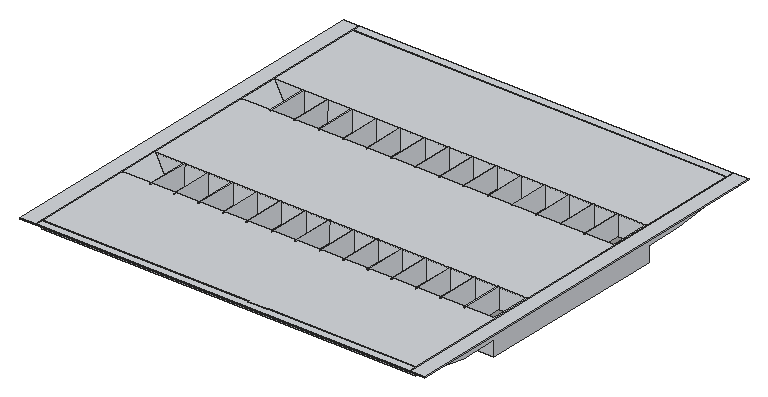
Revit family "0052603 Sylvania Lighting Fixture RANA NEO 3500LM REC 625x625 840 CC EM 2L WHITE", category Lighting Fixtures, host Face, Revit 2016
Family settings
  Host = Face
  Part Type = Normal
  Round Connector Dimension = Use Diameter
  OmniClass Number = 23.80.70.00
  OmniClass Title = Lighting
  Cut with Voids When Loaded = No
  Light Source = Yes
  Shared = No
  Room Calculation Point = No
Parameters (values of type "0052603 RANA NEO 3500LM R 625 840 CC EM 2L WHT")
  fin7 = 37 mm
  fin3 = 332 mm
  fin2 [instance] = 368 mm
  fin 6 = 110 mm
  fin 5 = 185 mm
  fin 4 = 258 mm
  fin 3 [instance] = 318 mm
  fin 2 = 407 mm
  fin 1 = 480 mm
  cut-out2 = 618 mm
  cut-out = 618 mm
  Width_SYL = if([600x600_SYL], 595 mm, if([625x625_SYL], 620 mm, if([1200_SYL], 296 mm, 306 mm)))  # 595 mm
  Width = 618 mm
  Weight = "n/a"
  Wattage Comments = ""
  Wattage = 193.079 W
  WarrantyStartDate [instance] = "n/a"
  WarrantyGuarantorParts = "n/a"
  WarrantyDurationUnit = "n/a"
  WarrantyDurationParts = ""
  WarrantyDescription = "http://www.sylvania-lighting.com"
  built-in parameter 1150110 = 1 (stored number, unit not read)
  Voltage = 0 V
  URL = "0.97"
  TypeName = "RANA NEO 3500LM REC 625x625 840 CC EM 2L WHITE"
  Type Image = <None>
  Type Comments = "n/a"
  built-in parameter 1114217 = 1 (stored number, unit not read)
  TopWidth_SYL = if([600x600_SYL], 295 mm, if([625x625_SYL], 295 mm, if([1200_SYL], 165 mm, 165 mm)))  # 295 mm
  Tilt Angle = -90.00°
  built-in parameter 1150109 = 1 (stored number, unit not read)
  built-in parameter 1150134 = (empty or 0)
  built-in parameter 1150113 = 1 (stored number, unit not read)
  SlopeTopWidth_SYL = if([600x600_SYL], 410 mm, if([625x625_SYL], 410 mm, if([1200_SYL], 168 mm, 168 mm)))  # 410 mm
  SlopeBottomWidth_SYL = if([600x600_SYL], 593 mm, if([625x625_SYL], 593 mm, if([1200_SYL], 244 mm, 244 mm)))  # 593 mm
  SlopeHeight_SYL = if([600x600_SYL], 17 mm, if([625x625_SYL], 17 mm, if([1200_SYL], 40 mm, 40 mm)))  # 17 mm
  SerialNumber [instance] = "n/a"
  ReflectorNumber_SYL = if([1Ref_SYL], 2, if([2Ref_SYL], 2, 3))  # 2
  ReflectorLength_SYL = Length_SYL - Inset_SYL * 2 - 5 mm  # 550 mm
  ReflectorInset_SYL = if([1Ref_SYL], 82.4 mm, if([2Ref_SYL], 30 mm, 30 mm))  # 30 mm
  Photometric Web File = "0052603.ies"
  Material_3_SYL = none
  PowerFactor = 0.95
  PowerConsumption = "Lighting"
  NominalLength = 620 mm
  NominalHeight = 60 mm
  NominalDepth = 595 mm
  Name = "RANA NEO 3500LM REC 625x625 840 CC EM 2L WHITE"
  ModelReference = Name  # "RANA NEO 3500LM REC 625x625 840 CC EM 2L WHITE"
  ModelNumber = "0052603"
  Model = Name  # "RANA NEO 3500LM REC 625x625 840 CC EM 2L WHITE"
  Material = "Feilo Sylvania"
  ManufacturerName = "110 lm/W"
  Manufacturer = ""
  LuminousEfficacy = ""
  built-in parameter 1150105 = 1536.5 (stored number, unit not read)
  Lumens = 19307.9 lm
  LuminaireType = "0"
  built-in parameter 1150115 = 1 (stored number, unit not read)
  LouverNumber_SYL = if([600x600_SYL], 14, if([625x625_SYL], 14, if([1200_SYL], 28, 28)))  # 14
  LightOutputRatio = "LED"
  built-in parameter 1150137 = (empty or 0)
  built-in parameter 1150139 = (empty or 0)
  Length_SYL = if([600x600_SYL], 595 mm, if([625x625_SYL], 620 mm, if([1200_SYL], 1196 mm, 1246 mm)))  # 595 mm
  Length = 618 mm
  LampsType = Lamp  # "n/a"
  LampNominalLuminous = "4000 K"
  LampMacAdamStep = "80"
  LampColourTemperature = "LED"
  LampColourRenderingIndex = "16500"
  built-in parameter 1150112 = 1 (stored number, unit not read)
  built-in parameter 1150114 = 1 (stored number, unit not read)
  Lamp = "n/a"
  LED position [instance] = 410 mm
  LED inside width = 165 mm
  LED inner void = 521.5 mm
  LED Width = 290 mm
  LED Length = 568 mm
  Keynote = "n/a"
  InstallationDate [instance] = "n/a"
  Inset_SYL = 20 mm  # constant formula
  InputVoltage = "0"
  InputNominalFrequency = "4000"
  built-in parameter 1150132 = (empty or 0)
  built-in parameter 1150102 = (empty or 0)
  built-in parameter 1150107 = 3000 (stored number, unit not read)
  built-in parameter 1150138 = (empty or 0)
  IngressProtection = "IfcLightFixtureType"
  ImpactProtectionIndex = "IfcLightFixtureType"
  built-in parameter 1150106 = 15.365 (stored number, unit not read)
  IfcExportType = "IfcLightFixtureType"
  IfcExportAs = "Class I"
  Height = 52 mm
  Emit from Rectangle Width = if([1Ref_SYL], 48 mm, TopWidth_SYL - 13 mm)  # 282 mm
  Emit from Rectangle Length = ReflectorLength_SYL - 8 mm  # 542 mm
  Emit Shape Visible in Rendering = no
  ElectricShockClassification = "110"
  built-in parameter 1150104 = 9.2903 (stored number, unit not read)
  DocumentationLiterature = "http://www.sylvania-lighting.com/product/en-int/products/0052603"
  DimmingControlOptions = "n/a"
  Material_2_SYL = none
  Dimming Lamp Color Temperature Shift = <None>
  Description = "-"
  Default Elevation = 1219.2 mm
  CreatedOn = "25/11/2019"
  CreatedBy = "@sylvania-lighting.com"
  Cost = 0
  Color Filter = 16777215
  built-in parameter 1114216 [instance] = (empty or 0)
  ClassificationValue = "EF_70_80"
  ClassificationName = "Uniclass2015"
  Material_1_SYL = none
  BarCode [instance] = "n/a"
  built-in parameter 1114218 = 1 (stored number, unit not read)
  built-in parameter 1150133 = 10 (stored number, unit not read)
  AssetType = "Fixed"
  AssetIdentifier [instance] = "n/a"
  Assembly Code = "D5020200"
  Apparent Load = 32 VA
  Material_4_SYL = none
  625x625_SYL = no
  600x600_SYL = yes
  2Ref_SYL = yes
  1Ref_SYL = no
  1200_SYL = no
Reference planes
  plane 1 "Center (Front/Back)": y = 0
  plane 2: z = 0
  plane 3 "Center (Left/Right)": x = 0
  plane 4: x = 60
  plane 5: x = 30
  plane 6: y = 297.5
  plane 7: y = -297.5
  plane 8: z = -120
  plane 9: z = -3
  plane 10: z = -12
  plane 11: z = -29
  plane 12: z = -52
  plane 13: y = -296.5
  plane 14: y = 296.5
  plane 15: y = 145
  plane 16: y = -145
  plane 17: y = 82.5
  plane 18: y = -82.5
  plane 19: x = -284
  plane 20: x = 284
  plane 21: y = 141
  plane 22: y = 86.5
  plane 23: x = -264
  plane 24: x = 257.5
  plane 25: x = -286
  plane 26: x = 286
  plane 27: y = -86.5
  plane 28: y = -141
  plane 29: x = 18.5
  plane 30: x = -18.5
  plane 31: x = 55
  plane 32: x = -55
  plane 33: x = 92.5
  plane 34: x = -92.5
  plane 35: x = 129
  plane 36: x = -129
  plane 37: x = 166
  plane 38: x = -166
  plane 39: x = -203.5
  plane 40: x = 203.5
  plane 41: x = -240
  plane 42: x = 240
  plane 43: x = 169.5
  plane 44: x = 162.5
  plane 45: x = 166.5
  plane 46: x = 165.5
  plane 47: x = 309
  plane 48: x = -309
  plane 49: y = 309
  plane 50: y = -309
  plane 51: x = 309
  plane 52: x = -309
  plane 53: y = 309
  plane 54: y = -309
Forms (mm)
  Extrusion 1, void
    sketch origin (0, 0, 0) x (1, 0, 0) y (0, 1, 0)
      loop
        line (-309, 309) -> (-309, -309) -> (309, -309) -> (309, 309) -> (-309, 309)
    from -120 to 97.685
  Extrusion 2, solid, detail levels medium+fine
    sketch origin (0, 0, 0) x (0, 1, 0) y (0, 0, 1)
      loop
        line (-296.5, 0) -> (-296.5, -12) -> (-205, -29) -> (-147.5, -29) -> (-147.5, -52) -> (147.5, -52) -> (147.5, -29) -> (205, -29) -> (296.5, -17.514) -> (296.5, 0) -> (-296.5, 0)
    from -286 to 286
  Extrusion 3, solid, detail levels medium+fine
    sketch origin (275, 1524, 1219.2) x (0, 1, 0) y (0, 0, 1)
      loop
        line (-1226.5, -1222.2) -> (-1226.5, -1219.2) -> (-1820.5, -1219.2) -> (-1820.5, -1222.2) -> (-1226.5, -1222.2)
    from 11 to -215
  Extrusion 4, solid, detail levels medium+fine
    sketch origin (-275, 1524, 1219.2) x (0, 1, 0) y (0, 0, 1)
      loop
        line (-1820.5, -1222.2) -> (-1227.5, -1222.2) -> (-1227.5, -1219.2) -> (-1820.5, -1219.2) -> (-1820.5, -1222.2)
    from -11 to 305
  Extrusion 5, solid, detail levels medium+fine
    sketch origin (0, 0, 0) x (0, 1, 0) y (0, 0, 1)
      loop
        line (-297.5, 0) -> (-297.5, -3) -> (-296.5, -3) -> (-296.5, 0) -> (-297.5, 0)
      loop
        line (297.5, -3) -> (297.5, 0) -> (296.5, 0) -> (296.5, -3) -> (297.5, -3)
    from 30 to 60
  Blend 6, void
    base sketch origin (0, 0, 0) x (1, 0, 0) y (0, 1, 0)
      loop
        line (-284, 145) -> (-284, 82.5) -> (284, 82.5) -> (284, 145) -> (-284, 145)
    top sketch origin (0, 0, 0) x (1, 0, 0) y (0, 1, 0)
      loop
        line (-264, 141) -> (-264, 86.5) -> (257.5, 86.5) -> (257.5, 141) -> (-264, 141)
    from 0 to -29
  Blend 7, void
    base sketch origin (0, 0, 0) x (1, 0, 0) y (0, 1, 0)
      loop
        line (-284, -82.5) -> (-284, -145) -> (284, -145) -> (284, -82.5) -> (-284, -82.5)
    top sketch origin (0, 0, 0) x (1, 0, 0) y (0, 1, 0)
      loop
        line (257.5, -86.5) -> (-264, -86.5) -> (-264, -141) -> (257.5, -141) -> (257.5, -86.5)
    from 0 to -29
  Extrusion 8, solid, detail levels fine
    sketch origin (0, 0, 0) x (1, 0, 0) y (0, 0, 1)
      loop
        line (162.5, -29) -> (169.5, -29) -> (166.5, 0) -> (165.5, 0) -> (162.5, -29)
    from -145 to -82.5
  Extrusion 9, solid, detail levels fine
    sketch origin (37.5, 0, 0) x (1, 0, 0) y (0, 0, 1)
      loop
        line (162.5, -29) -> (169.5, -29) -> (166.5, 0) -> (165.5, 0) -> (162.5, -29)
    from -145 to -82.5
  Extrusion 10, solid, detail levels fine
    sketch origin (74, 0, 0) x (1, 0, 0) y (0, 0, 1)
      loop
        line (162.5, -29) -> (169.5, -29) -> (166.5, 0) -> (165.5, 0) -> (162.5, -29)
    from -145 to -82.5
  Extrusion 11, solid, detail levels fine
    sketch origin (-37, 0, 0) x (1, 0, 0) y (0, 0, 1)
      loop
        line (162.5, -29) -> (169.5, -29) -> (166.5, 0) -> (165.5, 0) -> (162.5, -29)
    from -145 to -82.5
  Extrusion 12, solid, detail levels fine
    sketch origin (-73.5, 0, 0) x (1, 0, 0) y (0, 0, 1)
      loop
        line (162.5, -29) -> (169.5, -29) -> (166.5, 0) -> (165.5, 0) -> (162.5, -29)
    from -145 to -82.5
  Extrusion 13, solid, detail levels fine
    sketch origin (-111, 0, 0) x (1, 0, 0) y (0, 0, 1)
      loop
        line (162.5, -29) -> (169.5, -29) -> (166.5, 0) -> (165.5, 0) -> (162.5, -29)
    from -145 to -82.5
  Extrusion 14, solid, detail levels fine
    sketch origin (-147.5, 0, 0) x (1, 0, 0) y (0, 0, 1)
      loop
        line (162.5, -29) -> (169.5, -29) -> (166.5, 0) -> (165.5, 0) -> (162.5, -29)
    from -145 to -82.5
  Extrusion 15, solid, detail levels fine
    sketch origin (-184.5, 0, 0) x (1, 0, 0) y (0, 0, 1)
      loop
        line (162.5, -29) -> (169.5, -29) -> (166.5, 0) -> (165.5, 0) -> (162.5, -29)
    from -145 to -82.5
  Extrusion 16, solid, detail levels fine
    sketch origin (-221, 0, 0) x (1, 0, 0) y (0, 0, 1)
      loop
        line (162.5, -29) -> (169.5, -29) -> (166.5, 0) -> (165.5, 0) -> (162.5, -29)
    from -145 to -82.5
  Extrusion 17, solid, detail levels fine
    sketch origin (-258.5, 0, 0) x (1, 0, 0) y (0, 0, 1)
      loop
        line (162.5, -29) -> (169.5, -29) -> (166.5, 0) -> (165.5, 0) -> (162.5, -29)
    from -145 to -82.5
  Extrusion 18, solid, detail levels fine
    sketch origin (-295, 0, 0) x (1, 0, 0) y (0, 0, 1)
      loop
        line (162.5, -29) -> (169.5, -29) -> (166.5, 0) -> (165.5, 0) -> (162.5, -29)
    from -145 to -82.5
  Extrusion 19, solid, detail levels fine
    sketch origin (-332, 0, 0) x (1, 0, 0) y (0, 0, 1)
      loop
        line (162.5, -29) -> (169.5, -29) -> (166.5, 0) -> (165.5, 0) -> (162.5, -29)
    from -145 to -82.5
  Extrusion 20, solid, detail levels fine
    sketch origin (-369.5, 0, 0) x (1, 0, 0) y (0, 0, 1)
      loop
        line (162.5, -29) -> (169.5, -29) -> (166.5, 0) -> (165.5, 0) -> (162.5, -29)
    from -145 to -82.5
  Extrusion 21, solid, detail levels fine
    sketch origin (-406, 0, 0) x (1, 0, 0) y (0, 0, 1)
      loop
        line (162.5, -29) -> (169.5, -29) -> (166.5, 0) -> (165.5, 0) -> (162.5, -29)
    from -145 to -82.5
  Extrusion 22, solid, detail levels fine
    sketch origin (-406.072, 0, -0.017) x (1, 0, 0) y (0, 0, 1)
      loop
        line (162.5, -29) -> (169.5, -29) -> (166.5, 0) -> (165.5, 0) -> (162.5, -29)
    from 82.5 to 147.5
  Extrusion 23, solid, detail levels fine
    sketch origin (-369.572, 0, -0.017) x (1, 0, 0) y (0, 0, 1)
      loop
        line (162.5, -29) -> (169.5, -29) -> (166.5, 0) -> (165.5, 0) -> (162.5, -29)
    from 82.5 to 147.5
  Extrusion 24, solid, detail levels fine
    sketch origin (-331.998, 0, -0.017) x (1, 0, 0) y (0, 0, 1)
      loop
        line (162.5, -29) -> (169.5, -29) -> (166.5, 0) -> (165.5, 0) -> (162.5, -29)
    from 82.5 to 147.5
  Extrusion 25, solid, detail levels fine
    sketch origin (-294.998, 0, -0.017) x (1, 0, 0) y (0, 0, 1)
      loop
        line (162.5, -29) -> (169.5, -29) -> (166.5, 0) -> (165.5, 0) -> (162.5, -29)
    from 82.5 to 147.5
  Extrusion 26, solid, detail levels fine
    sketch origin (-258.498, 0, -0.017) x (1, 0, 0) y (0, 0, 1)
      loop
        line (162.5, -29) -> (169.5, -29) -> (166.5, 0) -> (165.5, 0) -> (162.5, -29)
    from 82.5 to 147.5
  Extrusion 27, solid, detail levels fine
    sketch origin (-221, 0, -0.017) x (1, 0, 0) y (0, 0, 1)
      loop
        line (162.5, -29) -> (169.5, -29) -> (166.5, 0) -> (165.5, 0) -> (162.5, -29)
    from 82.5 to 147.5
  Extrusion 28, solid, detail levels fine
    sketch origin (-184.5, 0, -0.017) x (1, 0, 0) y (0, 0, 1)
      loop
        line (162.5, -29) -> (169.5, -29) -> (166.5, 0) -> (165.5, 0) -> (162.5, -29)
    from 82.5 to 147.5
  Extrusion 29, solid, detail levels fine
    sketch origin (-147.5, 0, -0.017) x (1, 0, 0) y (0, 0, 1)
      loop
        line (162.5, -29) -> (169.5, -29) -> (166.5, 0) -> (165.5, 0) -> (162.5, -29)
    from 82.5 to 147.5
  Extrusion 30, solid, detail levels fine
    sketch origin (-111, 0, -0.017) x (1, 0, 0) y (0, 0, 1)
      loop
        line (162.5, -29) -> (169.5, -29) -> (166.5, 0) -> (165.5, 0) -> (162.5, -29)
    from 82.5 to 147.5
  Extrusion 31, solid, detail levels fine
    sketch origin (-73.5, 0, -0.017) x (1, 0, 0) y (0, 0, 1)
      loop
        line (162.5, -29) -> (169.5, -29) -> (166.5, 0) -> (165.5, 0) -> (162.5, -29)
    from 82.5 to 147.5
  Extrusion 32, solid, detail levels fine
    sketch origin (-37, 0, -0.017) x (1, 0, 0) y (0, 0, 1)
      loop
        line (162.5, -29) -> (169.5, -29) -> (166.5, 0) -> (165.5, 0) -> (162.5, -29)
    from 82.5 to 147.5
  Extrusion 33, solid, detail levels fine
    sketch origin (0, 0, -0.017) x (1, 0, 0) y (0, 0, 1)
      loop
        line (162.5, -29) -> (169.5, -29) -> (166.5, 0) -> (165.5, 0) -> (162.5, -29)
    from 82.5 to 147.5
  Extrusion 34, solid, detail levels fine
    sketch origin (37.5, 0, -0.017) x (1, 0, 0) y (0, 0, 1)
      loop
        line (162.5, -29) -> (169.5, -29) -> (166.5, 0) -> (165.5, 0) -> (162.5, -29)
    from 82.5 to 147.5
  Extrusion 35, solid, detail levels fine
    sketch origin (74, 0, -0.017) x (1, 0, 0) y (0, 0, 1)
      loop
        line (162.5, -29) -> (169.5, -29) -> (166.5, 0) -> (165.5, 0) -> (162.5, -29)
    from 82.5 to 147.5
  Extrusion 36, solid, material "Glass, White, High Luminance", detail levels fine
    sketch origin (0, 0, 0) x (1, 0, 0) y (0, 1, 0)
      loop
        line (-264, 141) -> (-264, 86.5) -> (257.5, 86.5) -> (257.5, 141) -> (-264, 141)
    from -29 to -28
  Extrusion 37, solid, material "Glass, White, High Luminance", detail levels fine
    sketch origin (0, 0, 0) x (1, 0, 0) y (0, 1, 0)
      loop
        line (-264, -86.5) -> (-264, -141) -> (257.5, -141) -> (257.5, -86.5) -> (-264, -86.5)
    from -29 to -28
  Extrusion 38, solid, detail levels coarse
    sketch origin (0, 0, 0) x (1, 0, 0) y (0, 1, 0)
      loop
        line (-309, 309) -> (-309, -309) -> (309, -309) -> (309, 309) -> (-309, 309)
    from -52 to 0
  Extrusion 39, solid, detail levels medium+fine
    sketch origin (0, 0, 0) x (1, 0, 0) y (0, 1, 0)
      loop
        line (-309, 309) -> (-309, -309) -> (-286, -309) -> (-286, 309) -> (-309, 309)
    from -1.177 to 0.023
  Extrusion 40, solid, detail levels medium+fine
    sketch origin (0, 0, 0) x (1, 0, 0) y (0, 1, 0)
      loop
        line (309, 309) -> (286, 309) -> (286, -309) -> (309, -309) -> (309, 309)
    from 0 to -1.2
  Extrusion 41, solid, detail levels medium+fine
    sketch origin (0, 1219.2, 38) x (1, 0, 0) y (0, 1, 0)
      loop
        line (286, -1528.2) -> (286, -1515.7) -> (-286, -1515.7) -> (-286, -1528.2) -> (286, -1528.2)
    from -39.177 to -38
  Extrusion 42, solid, detail levels medium+fine
    sketch origin (0, 1219.2, 38) x (1, 0, 0) y (0, 1, 0)
      loop
        line (-286, -910.2) -> (-286, -922.7) -> (286, -922.7) -> (286, -910.2) -> (-286, -910.2)
    from -39.177 to -38
Cuts and joins
  Blend 6, Blend 7 cuts Extrusion 2
  Blend 6, Blend 7 cuts Extrusion 3
  Blend 6, Blend 7 cuts Extrusion 4
  Blend 6, Blend 7 cuts Extrusion 5
  joined: Extrusion 2, Extrusion 3, Extrusion 4, Extrusion 5
Dimensions and locks
  locked: plane 2 to plane 8 at 120
  locked: plane 2 to plane 9 at 3
  locked: plane 2 to plane 10 at 12
  "SlopeHeight_SYL": plane 11 to plane 10
  "Height": plane 2 to plane 12
  equal spacing: plane 13, plane 1 "Center (Front/Back)", plane 14
  "SlopeBottomWidth_SYL": plane 13 to plane 14
  "LED Width": plane 15 to plane 16
  equal spacing: plane 15, plane 1 "Center (Front/Back)", plane 16
  "LED inside width": plane 17 to plane 18
  equal spacing: plane 17, plane 1 "Center (Front/Back)", plane 18
  "LED Length": plane 19 to plane 20
  equal spacing: plane 19, plane 3 "Center (Left/Right)", plane 20
  "LED inner void": plane 23 to plane 24
  "fin7": plane 29 to plane 30
  equal spacing: plane 29, plane 3 "Center (Left/Right)", plane 30
  "fin 6": plane 31 to plane 32
  equal spacing: plane 31, plane 3 "Center (Left/Right)", plane 32
  "fin 5": plane 33 to plane 34
  equal spacing: plane 33, plane 3 "Center (Left/Right)", plane 34
  "fin 4": plane 35 to plane 36
  equal spacing: plane 35, plane 3 "Center (Left/Right)", plane 36
  "fin 2": plane 40 to plane 39
  equal spacing: plane 40, plane 3 "Center (Left/Right)", plane 39
  "fin3": plane 37 to plane 38
  equal spacing: plane 37, plane 3 "Center (Left/Right)", plane 38
  "fin 1": plane 42 to plane 41
  equal spacing: plane 42, plane 3 "Center (Left/Right)", plane 41
  "ReflectorInset_SYL": plane 5 to plane 4
  equal spacing: plane 3 "Center (Left/Right)", plane 5, plane 4
  "Length": plane 48 to plane 47
  equal spacing: plane 48, plane 3 "Center (Left/Right)", plane 47
  "Width": plane 49 to plane 50
  equal spacing: plane 49, plane 1 "Center (Front/Back)", plane 50
  "cut-out": plane 52 to plane 51
  equal spacing: plane 52, plane 3 "Center (Left/Right)", plane 51
  "cut-out2": plane 53 to plane 54
  equal spacing: plane 53, plane 1 "Center (Front/Back)", plane 54
  aligned and locked: plane 2 to host face
  aligned and locked: level to host face
  aligned and locked: plane 10 to Extrusion 2 sketch curve
  aligned and locked: plane 12 to Extrusion 2 sketch curve
  aligned and locked: plane 11 to Extrusion 2 sketch curve  (x2)
  aligned and locked: Extrusion 2 sketch curve to level
  aligned and locked: plane 6 to Extrusion 3 sketch curve
  aligned and locked: plane 4 to Extrusion 3
  aligned and locked: Extrusion 4 sketch curve to cut or joined group of Extrusion 2, Extrusion 3, Extrusion 4, Extrusion 5, Blend 6, Blend 7
  aligned and locked: Extrusion 4 to plane 5
  aligned and locked: Extrusion 4 to Extrusion 2
  aligned and locked: plane 14 to Extrusion 2 sketch curve
  aligned and locked: plane 13 to Extrusion 2 sketch curve
  aligned and locked: Extrusion 5 sketch curve to level  (x2)
  aligned and locked: Extrusion 5 sketch curve to plane 7
  aligned and locked: cut or joined group of Extrusion 2, Extrusion 3, Extrusion 4, Extrusion 5, Blend 6, Blend 7 to Extrusion 5 sketch curve
  aligned and locked: Extrusion 5 sketch curve to cut or joined group of Extrusion 2, Extrusion 3, Extrusion 4, Extrusion 5, Blend 6, Blend 7  (x2)
  aligned and locked: Extrusion 5 to plane 5
  aligned and locked: plane 4 to Extrusion 5
Automatic sketch dimensions
  host sketch curve to host sketch curve = 1219.2 mm
  host sketch curve to host sketch curve = 1211.616 mm
  Extrusion 2 sketch curve to plane 16 = 60 mm
  Extrusion 2 sketch curve to plane 16 = 2.5 mm
  plane 15 to Extrusion 2 sketch curve = 2.5 mm
  Extrusion 2 sketch curve to Extrusion 2 sketch curve = 57.5 mm
  plane 10 to Extrusion 2 sketch curve = 5.514 mm
  plane 9 to Extrusion 3 sketch curve = 0 mm
  Extrusion 3 sketch curve to plane 13 = 0 mm
  Blend 6 sketch curve to plane 17 = 0 mm
  Blend 6 sketch curve to plane 19 = 0 mm
  Blend 6 sketch curve to plane 20 = 0 mm
  Blend 6 sketch curve to plane 15 = 0 mm
  Blend 6 sketch curve to plane 22 = 0 mm
  Blend 6 sketch curve to plane 23 = 0 mm
  Blend 6 sketch curve to plane 24 = 0 mm
  Blend 6 sketch curve to plane 21 = 0 mm
  Blend 7 sketch curve to plane 16 = 0 mm
  Blend 7 sketch curve to plane 19 = 0 mm
  Blend 7 sketch curve to plane 20 = 0 mm
  Blend 7 sketch curve to plane 18 = 0 mm
  Blend 7 sketch curve to plane 23 = 0 mm
  Blend 7 sketch curve to plane 24 = 0 mm
  Blend 7 sketch curve to plane 28 = 0 mm
  Blend 7 sketch curve to plane 27 = 0 mm
  Extrusion 8 sketch curve to plane 11 = 0 mm
  Extrusion 8 sketch curve to plane 44 = 0 mm
  Extrusion 8 sketch curve to level = 0 mm
  Extrusion 8 sketch curve to plane 46 = 0 mm
  Extrusion 8 sketch curve to plane 45 = 0 mm
  Extrusion 8 sketch curve to plane 43 = 0 mm
  Extrusion 9 sketch curve to plane 11 = 0 mm
  Extrusion 9 sketch curve to level = 0 mm
  Extrusion 9 sketch curve to plane 40 = 3.5 mm
  Extrusion 9 sketch curve to plane 40 = 0.5 mm
  plane 40 to Extrusion 9 sketch curve = 0.5 mm
  plane 40 to Extrusion 9 sketch curve = 3.5 mm
  Extrusion 10 sketch curve to plane 11 = 0 mm
  Extrusion 10 sketch curve to level = 0 mm
  Extrusion 10 sketch curve to plane 42 = 3.5 mm
  Extrusion 10 sketch curve to plane 42 = 0.5 mm
  plane 42 to Extrusion 10 sketch curve = 0.5 mm
  plane 42 to Extrusion 10 sketch curve = 3.5 mm
  Extrusion 11 sketch curve to plane 11 = 0 mm
  Extrusion 11 sketch curve to level = 0 mm
  Extrusion 11 sketch curve to plane 35 = 3.5 mm
  Extrusion 11 sketch curve to plane 35 = 0.5 mm
  plane 35 to Extrusion 11 sketch curve = 0.5 mm
  plane 35 to Extrusion 11 sketch curve = 3.5 mm
  Extrusion 12 sketch curve to plane 11 = 0 mm
  Extrusion 12 sketch curve to level = 0 mm
  Extrusion 12 sketch curve to plane 33 = 3.5 mm
  Extrusion 12 sketch curve to plane 33 = 0.5 mm
  plane 33 to Extrusion 12 sketch curve = 0.5 mm
  plane 33 to Extrusion 12 sketch curve = 3.5 mm
  Extrusion 13 sketch curve to plane 11 = 0 mm
  Extrusion 13 sketch curve to level = 0 mm
  Extrusion 13 sketch curve to plane 31 = 3.5 mm
  Extrusion 13 sketch curve to plane 31 = 0.5 mm
  plane 31 to Extrusion 13 sketch curve = 0.5 mm
  plane 31 to Extrusion 13 sketch curve = 3.5 mm
  Extrusion 14 sketch curve to plane 11 = 0 mm
  Extrusion 14 sketch curve to level = 0 mm
  Extrusion 14 sketch curve to plane 29 = 3.5 mm
  Extrusion 14 sketch curve to plane 29 = 0.5 mm
  plane 29 to Extrusion 14 sketch curve = 0.5 mm
  plane 29 to Extrusion 14 sketch curve = 3.5 mm
  Extrusion 15 sketch curve to plane 11 = 0 mm
  Extrusion 15 sketch curve to level = 0 mm
  Extrusion 15 sketch curve to plane 30 = 3.5 mm
  Extrusion 15 sketch curve to plane 30 = 0.5 mm
  plane 30 to Extrusion 15 sketch curve = 0.5 mm
  plane 30 to Extrusion 15 sketch curve = 3.5 mm
  Extrusion 16 sketch curve to plane 11 = 0 mm
  Extrusion 16 sketch curve to level = 0 mm
  Extrusion 16 sketch curve to plane 32 = 3.5 mm
  Extrusion 16 sketch curve to plane 32 = 0.5 mm
  plane 32 to Extrusion 16 sketch curve = 0.5 mm
  plane 32 to Extrusion 16 sketch curve = 3.5 mm
  Extrusion 17 sketch curve to plane 11 = 0 mm
  Extrusion 17 sketch curve to level = 0 mm
  Extrusion 17 sketch curve to plane 34 = 3.5 mm
  Extrusion 17 sketch curve to plane 34 = 0.5 mm
  plane 34 to Extrusion 17 sketch curve = 0.5 mm
  plane 34 to Extrusion 17 sketch curve = 3.5 mm
  Extrusion 18 sketch curve to plane 11 = 0 mm
  Extrusion 18 sketch curve to level = 0 mm
  Extrusion 18 sketch curve to plane 36 = 3.5 mm
  Extrusion 18 sketch curve to plane 36 = 0.5 mm
  plane 36 to Extrusion 18 sketch curve = 0.5 mm
  plane 36 to Extrusion 18 sketch curve = 3.5 mm
  Extrusion 19 sketch curve to plane 11 = 0 mm
  Extrusion 19 sketch curve to level = 0 mm
  Extrusion 19 sketch curve to plane 38 = 3.5 mm
  Extrusion 19 sketch curve to plane 38 = 0.5 mm
  plane 38 to Extrusion 19 sketch curve = 0.5 mm
  plane 38 to Extrusion 19 sketch curve = 3.5 mm
  Extrusion 20 sketch curve to plane 11 = 0 mm
  Extrusion 20 sketch curve to level = 0 mm
  Extrusion 20 sketch curve to plane 39 = 3.5 mm
  Extrusion 20 sketch curve to plane 39 = 0.5 mm
  plane 39 to Extrusion 20 sketch curve = 0.5 mm
  plane 39 to Extrusion 20 sketch curve = 3.5 mm
  Extrusion 21 sketch curve to plane 11 = 0 mm
  Extrusion 21 sketch curve to level = 0 mm
  Extrusion 21 sketch curve to plane 41 = 3.5 mm
  Extrusion 21 sketch curve to plane 41 = 0.5 mm
  plane 41 to Extrusion 21 sketch curve = 0.5 mm
  plane 41 to Extrusion 21 sketch curve = 3.5 mm
  plane 11 to Extrusion 22 sketch curve = 0.017 mm
  Extrusion 22 sketch curve to plane 41 = 3.572 mm
  Extrusion 22 sketch curve to level = 0.017 mm
  Extrusion 22 sketch curve to plane 41 = 0.572 mm
  plane 41 to Extrusion 22 sketch curve = 0.428 mm
  plane 41 to Extrusion 22 sketch curve = 3.428 mm
  plane 11 to Extrusion 23 sketch curve = 0.017 mm
  Extrusion 23 sketch curve to plane 39 = 3.572 mm
  Extrusion 23 sketch curve to level = 0.017 mm
  Extrusion 23 sketch curve to plane 39 = 0.572 mm
  plane 39 to Extrusion 23 sketch curve = 0.428 mm
  plane 39 to Extrusion 23 sketch curve = 3.428 mm
  plane 11 to Extrusion 24 sketch curve = 0.017 mm
  Extrusion 24 sketch curve to plane 38 = 3.498 mm
  Extrusion 24 sketch curve to level = 0.017 mm
  Extrusion 24 sketch curve to plane 38 = 0.498 mm
  plane 38 to Extrusion 24 sketch curve = 0.502 mm
  plane 38 to Extrusion 24 sketch curve = 3.502 mm
  plane 11 to Extrusion 25 sketch curve = 0.017 mm
  Extrusion 25 sketch curve to plane 36 = 3.498 mm
  Extrusion 25 sketch curve to level = 0.017 mm
  Extrusion 25 sketch curve to plane 36 = 0.498 mm
  plane 36 to Extrusion 25 sketch curve = 0.502 mm
  plane 36 to Extrusion 25 sketch curve = 3.502 mm
  plane 11 to Extrusion 26 sketch curve = 0.017 mm
  Extrusion 26 sketch curve to plane 34 = 3.498 mm
  Extrusion 26 sketch curve to level = 0.017 mm
  Extrusion 26 sketch curve to plane 34 = 0.498 mm
  plane 34 to Extrusion 26 sketch curve = 0.502 mm
  plane 34 to Extrusion 26 sketch curve = 3.502 mm
  plane 11 to Extrusion 27 sketch curve = 0.017 mm
  Extrusion 27 sketch curve to plane 32 = 3.5 mm
  Extrusion 27 sketch curve to level = 0.017 mm
  Extrusion 27 sketch curve to plane 32 = 0.5 mm
  plane 32 to Extrusion 27 sketch curve = 0.5 mm
  plane 32 to Extrusion 27 sketch curve = 3.5 mm
  plane 11 to Extrusion 28 sketch curve = 0.017 mm
  Extrusion 28 sketch curve to plane 30 = 3.5 mm
  Extrusion 28 sketch curve to level = 0.017 mm
  Extrusion 28 sketch curve to plane 30 = 0.5 mm
  plane 30 to Extrusion 28 sketch curve = 0.5 mm
  plane 30 to Extrusion 28 sketch curve = 3.5 mm
  plane 11 to Extrusion 29 sketch curve = 0.017 mm
  Extrusion 29 sketch curve to plane 29 = 3.5 mm
  Extrusion 29 sketch curve to level = 0.017 mm
  Extrusion 29 sketch curve to plane 29 = 0.5 mm
  plane 29 to Extrusion 29 sketch curve = 0.5 mm
  plane 29 to Extrusion 29 sketch curve = 3.5 mm
  plane 11 to Extrusion 30 sketch curve = 0.017 mm
  Extrusion 30 sketch curve to plane 31 = 3.5 mm
  Extrusion 30 sketch curve to level = 0.017 mm
  Extrusion 30 sketch curve to plane 31 = 0.5 mm
  plane 31 to Extrusion 30 sketch curve = 0.5 mm
  plane 31 to Extrusion 30 sketch curve = 3.5 mm
  plane 11 to Extrusion 31 sketch curve = 0.017 mm
  Extrusion 31 sketch curve to plane 33 = 3.5 mm
  Extrusion 31 sketch curve to level = 0.017 mm
  Extrusion 31 sketch curve to plane 33 = 0.5 mm
  plane 33 to Extrusion 31 sketch curve = 0.5 mm
  plane 33 to Extrusion 31 sketch curve = 3.5 mm
  plane 11 to Extrusion 32 sketch curve = 0.017 mm
  Extrusion 32 sketch curve to plane 35 = 3.5 mm
  Extrusion 32 sketch curve to level = 0.017 mm
  Extrusion 32 sketch curve to plane 35 = 0.5 mm
  plane 35 to Extrusion 32 sketch curve = 0.5 mm
  plane 35 to Extrusion 32 sketch curve = 3.5 mm
  Extrusion 33 sketch curve to plane 44 = 0 mm
  Extrusion 33 sketch curve to plane 46 = 0 mm
  Extrusion 33 sketch curve to plane 45 = 0 mm
  Extrusion 33 sketch curve to plane 43 = 0 mm
  plane 11 to Extrusion 33 sketch curve = 0.017 mm
  Extrusion 33 sketch curve to level = 0.017 mm
  plane 11 to Extrusion 34 sketch curve = 0.017 mm
  Extrusion 34 sketch curve to plane 40 = 3.5 mm
  Extrusion 34 sketch curve to level = 0.017 mm
  Extrusion 34 sketch curve to plane 40 = 0.5 mm
  plane 40 to Extrusion 34 sketch curve = 0.5 mm
  plane 40 to Extrusion 34 sketch curve = 3.5 mm
  plane 11 to Extrusion 35 sketch curve = 0.017 mm
  Extrusion 35 sketch curve to plane 42 = 3.5 mm
  Extrusion 35 sketch curve to level = 0.017 mm
  Extrusion 35 sketch curve to plane 42 = 0.5 mm
  plane 42 to Extrusion 35 sketch curve = 0.5 mm
  plane 42 to Extrusion 35 sketch curve = 3.5 mm
  Extrusion 36 sketch curve to plane 22 = 0 mm
  Extrusion 36 sketch curve to plane 23 = 0 mm
  Extrusion 36 sketch curve to plane 24 = 0 mm
  Extrusion 36 sketch curve to plane 21 = 0 mm
  Extrusion 37 sketch curve to plane 23 = 0 mm
  Extrusion 37 sketch curve to plane 24 = 0 mm
  Extrusion 37 sketch curve to plane 28 = 0 mm
  Extrusion 37 sketch curve to plane 27 = 0 mm
  Extrusion 38 sketch curve to plane 5 = 339 mm
  plane 4 to Extrusion 38 sketch curve = 249 mm
  plane 7 to Extrusion 38 sketch curve = 11.5 mm
  Extrusion 38 sketch curve to plane 6 = 11.5 mm
  plane 13 to Extrusion 39 sketch curve = 12.5 mm
  Extrusion 39 sketch curve to plane 48 = 0 mm
  Extrusion 39 sketch curve to plane 25 = 0 mm
  Extrusion 39 sketch curve to plane 6 = 11.5 mm
  Extrusion 40 sketch curve to plane 6 = 11.5 mm
  Extrusion 40 sketch curve to plane 26 = 0 mm
  plane 13 to Extrusion 40 sketch curve = 12.5 mm
  Extrusion 40 sketch curve to plane 47 = 0 mm
  Extrusion 3 sketch curve to level = 0 mm
  Extrusion 4 sketch curve to plane 13 = 0 mm
  Extrusion 4 sketch curve to level = 0 mm
  Extrusion 4 sketch curve to plane 14 = 0 mm
  Extrusion 5 sketch curve to plane 13 = 0 mm
  Extrusion 5 sketch curve to plane 14 = 0 mm
  Extrusion 41 sketch curve to plane 25 = 0 mm
  Extrusion 41 sketch curve to plane 26 = 0 mm
  Extrusion 41 sketch curve to plane 50 = 0 mm
  plane 13 to Extrusion 41 sketch curve = 0 mm
  plane 14 to Extrusion 42 sketch curve = 0 mm
  Extrusion 42 sketch curve to plane 25 = 0 mm
  Extrusion 42 sketch curve to plane 26 = 0 mm
  Extrusion 42 sketch curve to plane 49 = 0 mm
  plane 4 to Extrusion 1 sketch curve = 249 mm
  Extrusion 1 sketch curve to plane 5 = 339 mm
  plane 7 to Extrusion 1 sketch curve = 11.5 mm
  Extrusion 1 sketch curve to plane 6 = 11.5 mm
Connectors
  electrical at (0, 0, -52), driven by "Voltage", driven by "Apparent Load", driven by "PowerFactor"
    settings: on cut or joined group of Extrusion 2, Extrusion 3, Extrusion 4, Extrusion 5, Blend 6, Blend 7, index 1, voltage 0 V, apparent load 32 VA, apparent load phase1 0 VA, apparent load phase2 0 VA, apparent load phase3 0 VA, power factor 0.95, load classification "Lighting", number of poles 1, system type 30, power factor state 1, is connector primary yes, connector utility no, sub classification motor no, connector description ""
